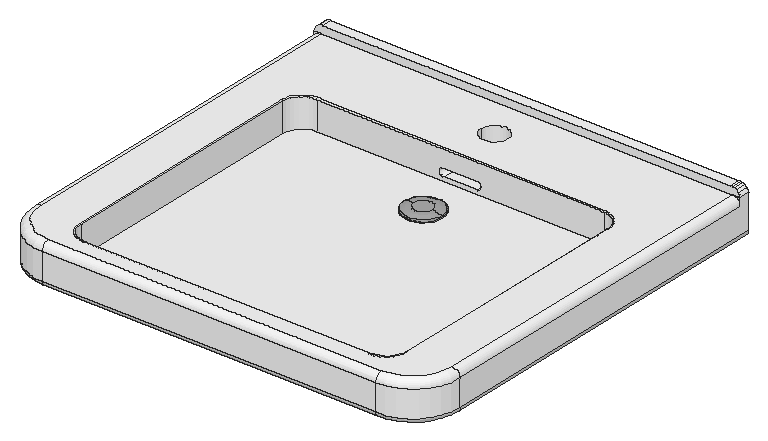
Revit family "NLRS_74_PF_UN_wastafel_S8309700000_SPHINX_BCB", category Plumbing Fixtures, Revit 2016
Family settings
  Part Type = Normal
  Round Connector Dimension = Use Radius
  OmniClass Number = 23.45.00.00
  OmniClass Title = Sanitary, Laundry, and Cleaning Equipment
  Work Plane-Based = No
  Always vertical = Yes
  Cut with Voids When Loaded = No
  Shared = No
  Room Calculation Point = No
Parameters (values of type "rolstoelwastafel 55 cm")
  NLRS_C_type = "Rolstoelwastafel"
  NLRS_C_serie = "300 Comfort"
  NLRS_C_revit_versie = "2016"
  NLRS_C_content_versie = "2.0"
  NLRS_C_content_provider = "BouwConnect"
  NLRS_C_content_datum_uitgifte = "APR-2018"
  NLRS_C_content_datum_gewijzigd = "APR-2018"
  NLRS_C_content_creator = "BouwConnect"
  NLRS_C_URL_product_data = "http://www.sphinx.nl/producten/wastafels-%7C-fonteinen/rolstoelwastafels/sphinx-300-comfort-%7C-rolstoelwastafel-55-cm/27763/"
  Waste Connection = yes
  WFU = 0
  URL = "http://www.sphinx.nl/"
  Type Comments = ""
  NLRS_S_gewicht = 15.60 kg
  NLRS_C_materiaal = none
  NLRS_C_lengte = 525 mm
  NLRS_C_hoogte = 155 mm
  NLRS_C_diameter_uit = 45 mm
  NLRS_C_diameter_in = 35 mm
  NLRS_C_breedte = 550 mm
  Model = "rolstoelwastafel 55cm"  # constant formula
  Manufacturer = "Sphinx"  # constant formula
  Keynote = ""
  IfcTypeProduct = "IfcSanitaryTerminalType"
  IfcExportType = "SINK"
  IfcExportAs = "IfcSanitaryTerminalTypeEnum"
  IfcElement = "IfcFlowTerminal"
  NLRS_C_code_EAN = "8711754391222"
  Description = "wastafel"
  CWFU = 0
  NLRS_C_URL_BCB = "http://bcb-online.nl/?zoekterm=Sphinx+++%5bGeberit+B.V.%5d"
  Assembly Code = "47.11"
Reference planes
  plane 1 "Center (Front/Back)": y = 0
  plane 2: z = 0
  plane 3 "Center (Left/Right)": x = 0
  plane 4: y = -180
Forms (mm)
  Extrusion 1, solid, material "74_porcelein_wit", detail levels medium+fine
    sketch origin (0, 0, 0) x (1, 0, 0) y (0, 1, 0)
      loop
        arc (-275, -465) -> (-257.426, -507.426) -> (-215, -525) r 60
        line (-215, -525) -> (215, -525)
        arc (215, -525) -> (257.426, -507.426) -> (275, -465) r 60
        line (275, -465) -> (275, 0) -> (-275, 0) -> (-275, -465)
    from -50.014 to 0
  Extrusion 2, solid, material "74_porcelein_wit", detail levels medium+fine
    sketch origin (0, 0, 0) x (0, 1, 0) y (0, 0, 1)
      loop
        line (0, -50.014) -> (-492.723, -50.014)
        arc (-492.723, -50.014) -> (-477.891, -55.528) -> (-462.226, -57.763) r 74.026
        arc (-462.226, -57.763) -> (-379.979, -79.137) -> (-302.104, -113.149) r 540.026
        arc (-302.104, -113.149) -> (-296.731, -115.523) -> (-291.193, -117.48) r 76.744
        arc (-291.193, -117.48) -> (-289.035, -118.026) -> (-286.828, -118.223) r 13.974
        arc (-286.828, -118.223) -> (-251.222, -119.742) -> (-215.8, -123.677) r 524.377
        arc (-215.8, -123.677) -> (-172.549, -129.225) -> (-129.545, -136.441) r 1127.293
        arc (-129.545, -136.441) -> (-64.845, -141.753) -> (0, -144.85) r 1897.649
        line (0, -144.85) -> (0, -50.014)
    from -235 to 231.418
  Extrusion 3, void, detail levels medium+fine
    sketch origin (0, 6.935, -26.421) x (1, 0, 0) y (0, 0.069756, 0.997564)
      loop
        arc (-210.407, -63.423) -> (-213.91, -57.842) -> (-216.119, -51.635) r 30.221
        arc (-216.119, -51.635) -> (-216.372, -50.201) -> (-216.456, -48.747) r 12.522
        line (-216.456, -48.747) -> (-216.456, -41.917) -> (-256.076, -41.917) -> (-256.076, -160.013) -> (243.924, -160.013) -> (243.924, -41.917) -> (216.456, -41.917) -> (216.456, -43.917) -> (216.456, -45.917)
        arc (216.456, -45.917) -> (214.716, -55.663) -> (209.71, -64.205) r 28.162
        arc (209.71, -64.205) -> (208.736, -65.292) -> (207.71, -66.33) r 30.215
        arc (207.71, -66.33) -> (205.408, -68.164) -> (202.802, -69.532) r 15.566
        arc (202.802, -69.532) -> (0.779, -109.468) -> (-201.374, -70.196) r 535.406
        arc (-201.374, -70.196) -> (-206.33, -67.395) -> (-210.407, -63.423) r 22.134
    from -235 to 499.704
  Extrusion 4, void, detail levels medium+fine
    sketch origin (0, 0, 0) x (1, 0, 0) y (0, 1, 0)
      loop
        arc (-185, -120) -> (-202.678, -127.322) -> (-210, -145) r 25
        line (-210, -145) -> (-210, -470)
        arc (-210, -470) -> (-202.678, -487.678) -> (-185, -495) r 25
        line (-185, -495) -> (185, -495)
        arc (185, -495) -> (202.678, -487.678) -> (210, -470) r 25
        line (210, -470) -> (210, -145)
        arc (210, -145) -> (202.678, -127.322) -> (185, -120) r 25
        line (185, -120) -> (-185, -120)
    from -38 to 35.969
  Extrusion 5, solid, material "74_porcelein_wit", detail levels medium+fine
    sketch origin (0, 0, 0) x (1, 0, 0) y (0, 0, 1)
      loop
        arc (-262.623, 10.15) -> (-264.989, 9.907) -> (-267.255, 9.186) r 11.603
        arc (-267.255, 9.186) -> (-267.943, 8.865) -> (-268.614, 8.511) r 14.963
        arc (-268.614, 8.511) -> (-269.097, 8.215) -> (-269.558, 7.884) r 7.685
        arc (-269.558, 7.884) -> (-271.186, 6.402) -> (-272.559, 4.681) r 13.934
        arc (-272.559, 4.681) -> (-273.914, 2.41) -> (-275, 0) r 23.156
        line (-275, 0) -> (275, 0)
        arc (275, 0) -> (273.914, 2.41) -> (272.559, 4.681) r 23.156
        arc (272.559, 4.681) -> (271.406, 6.161) -> (270.064, 7.472) r 13.934
        arc (270.064, 7.472) -> (269.123, 8.185) -> (268.107, 8.783) r 10.138
        arc (268.107, 8.783) -> (266.943, 9.317) -> (265.739, 9.751) r 14.963
        arc (265.739, 9.751) -> (264.442, 10.05) -> (263.115, 10.15) r 8.808
        line (263.115, 10.15) -> (-262.623, 10.15)
    from 0 to 13
  Revolve 6, solid, material "74_porcelein_wit", detail levels medium+fine
    sketch origin (0, -180, 0) x (1, 0, 0) y (0, 0, 1)
      loop
        line (0, -150) -> (0, -120) -> (-35.989, -120) -> (-34.417, -150) -> (0, -150)
      axis (0, -120) -> (0, -150)
    angle from 0 to 360
  Sweep 7, void, detail levels medium+fine
    path origin (0, 0, 0) x (1, 0, 0) y (0, 1, 0)
      loop
        line (-275, -13) -> (-275, -465)
        arc (-275, -465) -> (-257.426, -507.426) -> (-215, -525) r 60
        line (-215, -525) -> (215, -525)
        arc (215, -525) -> (257.426, -507.426) -> (275, -465) r 60
        line (275, -465) -> (275, -13)
    profile origin (-275, -239, 0) x (1, 0, 0) y (0, 0, 1)
      loop
        line (10, 0) -> (10, 3) -> (-3, 3) -> (-3, -10) -> (0, -10)
        arc (0, -10) -> (2.929, -2.929) -> (10, 0) r 10
  Sweep 8, void, detail levels medium+fine
    path origin (0, 0, 0) x (1, 0, 0) y (0, 1, 0)
      loop
        line (-275, 0) -> (-275, -465)
        arc (-275, -465) -> (-257.426, -507.426) -> (-215, -525) r 60
        line (-215, -525) -> (215, -525)
        arc (215, -525) -> (257.426, -507.426) -> (275, -465) r 60
        line (275, -465) -> (275, 0)
    profile origin (-275, -232.5, 0) x (1, 0, 0) y (0, 0, 1)
      loop
        arc (6, -50.014) -> (1.757, -48.256) -> (0, -44.014) r 6
        line (0, -44.014) -> (-3, -44.014) -> (-3, -53.014) -> (6, -53.014) -> (6, -50.014)
  Sweep 9, void, detail levels medium+fine
    path origin (0, 0, 0) x (1, 0, 0) y (0, 1, 0)
      loop
        line (-210, -145) -> (-210, -470)
        arc (-210, -470) -> (-202.678, -487.678) -> (-185, -495) r 25
        line (-185, -495) -> (185, -495)
        arc (185, -495) -> (202.678, -487.678) -> (210, -470) r 25
        line (210, -470) -> (210, -145)
        arc (210, -145) -> (202.678, -127.322) -> (185, -120) r 25
        line (185, -120) -> (-185, -120)
        arc (-185, -120) -> (-202.678, -127.322) -> (-210, -145) r 25
    profile origin (-210, -307.5, 0) x (1, 0, 0) y (0, 0, 1)
      loop
        arc (-1, 0) -> (-0.293, -0.293) -> (0, -1) r 1
        line (0, -1) -> (2, -1) -> (2, 2) -> (-1, 2) -> (-1, 0)
  Extrusion 10, void, detail levels medium+fine
    sketch origin (0, 0, 0) x (1, 0, 0) y (0, 0, 1)
      loop
        line (-235, -67.956) -> (-216.456, -67.956) -> (-216.456, -50.014) -> (-235, -50.014) -> (-235, -67.956)
    from -235 to 265.659
  Extrusion 11, void, detail levels medium+fine
    sketch origin (451.456, 0, 0) x (1, 0, 0) y (0, 0, 1)
      loop
        line (-235, -67.956) -> (-216.456, -67.956) -> (-216.456, -50.014) -> (-235, -50.014) -> (-235, -67.956)
    from -235 to 265.659
  Extrusion 12, solid, material "74_porcelein_wit", detail levels coarse
    sketch origin (0, 5, 0) x (1, 0, 0) y (0, 1, 0)
      loop
        arc (-275, -465) -> (-257.426, -507.426) -> (-215, -525) r 60
        line (-215, -525) -> (215, -525)
        arc (215, -525) -> (257.426, -507.426) -> (275, -465) r 60
        line (275, -465) -> (275, -5) -> (-275, -5) -> (-275, -465)
    from -150 to 0
  Extrusion 13, void, detail levels coarse
    sketch origin (0, 0, 0) x (1, 0, 0) y (0, 1, 0)
      loop
        arc (-185, -120) -> (-202.678, -127.322) -> (-210, -145) r 25
        line (-210, -145) -> (-210, -470)
        arc (-210, -470) -> (-202.678, -487.678) -> (-185, -495) r 25
        line (-185, -495) -> (185, -495)
        arc (185, -495) -> (202.678, -487.678) -> (210, -470) r 25
        line (210, -470) -> (210, -145)
        arc (210, -145) -> (202.678, -127.322) -> (185, -120) r 25
        line (185, -120) -> (-185, -120)
    from -84.629 to 35.969
  Extrusion 14, void, detail levels medium+fine
    sketch origin (21.909, 0, -75.658) x (1, 0, 0) y (0, 0, 1)
      loop
        arc (-43.409, 53.308) -> (-48.909, 47.808) -> (-43.409, 42.308) r 5.5
        line (-43.409, 42.308) -> (-0.409, 42.308)
        arc (-0.409, 42.308) -> (5.091, 47.808) -> (-0.409, 53.308) r 5.5
        line (-0.409, 53.308) -> (-43.409, 53.308)
    from 79.455 to 215.179
  Extrusion 15, void, detail levels medium+fine
    sketch origin (1007.881, -153.028, 0) x (1, 0, 0) y (0, 1, 0)
      loop
        circle (-1007.881, 88.028) r 17.5
    from -22.35 to 5
  Extrusion 16, void
    sketch origin (-91.487, 4.076, 0) x (1, 0, 0) y (0, 1, 0)
      loop
        circle (91.487, -184.076) r 23.5
    from -393.618 to 5
  Extrusion 17, solid, not visible
    sketch origin (0, 0, -120) x (1, 0, 0) y (0, 1, 0)
      loop
        circle (0, -180) r 22.5
    from 0 to 5
Cuts and joins
  Extrusion 3, Extrusion 4, Sweep 7, Sweep 8, Sweep 9, Extrusion 11, Extrusion 14, Extrusion 15, Extrusion 16 cuts Extrusion 1
  Extrusion 3, Extrusion 10, Extrusion 11, Extrusion 16 cuts Extrusion 2
  Sweep 7 cuts Extrusion 5
  Extrusion 13 cuts Extrusion 12
  Extrusion 16 cuts Revolve 6
Dimensions and locks
  aligned and locked: level to plane 2
Nested families
  nested 1: "SPHINX_-_Afvoerplug_Parametrisch" at (0, -180, -38), type "SPHINX_-_Afvoerplug_Parametrisch"
Connectors
  piping at (0, -180, -120), diameter 50, driven by "WFU"
    settings: on Extrusion 17, index 1, connector inside diameter 50 mm, connector length 0 mm, flow factor 0, pipe flow 0.0 L/s, pressure drop 0.0 Pa, fitting loss kfactor 0, connector angle 0.00°, fixture units 0, engagement length 0 mm, angle of deflection 0.00°, flow configuration 3, flow direction 2, fitting loss method 0, system type 16, joint type 0, gender type 0, connector reference index -1, connector utility 0, adjustable connector no, is connector primary yes, connector description "out"
Definition of nested family "SPHINX_-_Afvoerplug_Parametrisch"
  Parameters
    straal = diameter / 2  # 25 mm
    materiaal = none
    diameter = 50 mm
    binnen_diameter = straal - 13 mm  # 12 mm
  Reference planes
    plane 1 "Center (Front/Back)": y = 0
    plane 2: z = 0
    plane 3 "Center (Left/Right)": x = 0
    plane 4: x = -25
    plane 5: x = 25
    plane 6: z = 5
    plane 7: y = 25
    plane 8: y = -25
  Forms (mm)
    Sweep 1, solid, material <- "materiaal"
      path origin (0, 0, 0) x (1, 0, 0) y (0, 1, 0)
        loop
          circle (0, 0) r 25
      profile origin (25, 0, 0) x (-1, 0, 0) y (0, 0, 1)
        loop
          line (0, 0) -> (14, 0) -> (14, 5) -> (13.032, 5)
          arc (13.032, 5) -> (6.828, 4.352) -> (0.893, 2.434) r 30
          arc (0.893, 2.434) -> (0.243, 1.881) -> (0, 1.063) r 1.5
          line (0, 1.063) -> (0, 0)
    Extrusion 2, solid, material <- "materiaal"
      sketch origin (0, 0, 0) x (1, 0, 0) y (0, 1, 0)
        loop
          circle (0, 0) r 12
      from 0 to 5
  Cuts and joins
    joined: Sweep 1, Extrusion 2
  Dimensions and locks
    "diameter": plane 4 to plane 5
    equal spacing: plane 4, plane 3 "Center (Left/Right)", plane 5
    plane 6 to plane 2 = 5 mm
    "straal": radius of Sweep 1 sketch curve
    "binnen_diameter": radius of Extrusion 2 sketch curve
    aligned and locked: level to plane 2
    aligned and locked: Sweep 1 sketch curve to plane 6
    aligned and locked: plane 6 to Extrusion 2
  Automatic sketch dimensions
    Sweep 1 sketch curve to profile plane = 0 mm
    Sweep 1 sketch curve to level = 0 mm
    Sweep 1 sketch curve to Sweep 1 sketch curve = 1.5 mm
    Sweep 1 sketch curve to profile plane = 13.032 mm
    Sweep 1 sketch curve to Sweep 1 sketch curve = 0.968 mm
    Sweep 1 sketch curve to level = 25 mm
    level to Sweep 1 sketch curve = 1.063 mm
    plane 1 "Center (Front/Back)" to Sweep 1 sketch curve = 0 mm
    Sweep 1 sketch curve to plane 3 "Center (Left/Right)" = 0 mm
    plane 1 "Center (Front/Back)" to Extrusion 2 sketch curve = 0 mm
    Extrusion 2 sketch curve to plane 3 "Center (Left/Right)" = 0 mm
